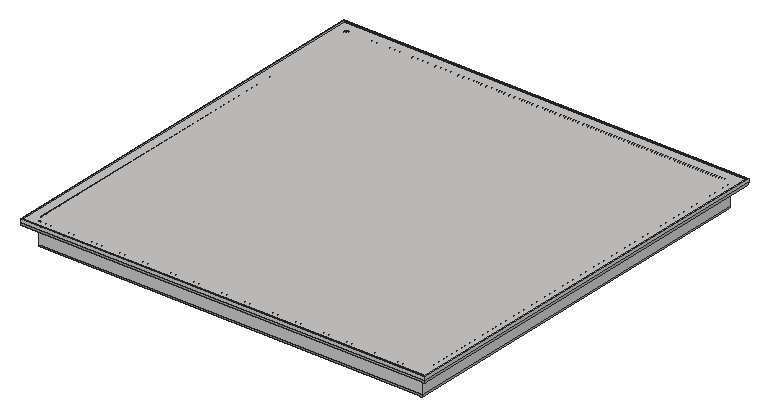
Revit family "Gorter RV 800x800mm", category Generic Models, host Face, Revit 2019
Family settings
  Host = Face
  Can host rebar = No
  Round Connector Dimension = Use Diameter
  Part Type = Normal
  Cut with Voids When Loaded = Yes
  Shared = Yes
  Room Calculation Point = No
Parameters (values of type "RV 800x800mm")
  vullen_met_beton = "ja"  # constant formula
  vergrendeling = "nee"  # constant formula
  uitwendige_lengte = 905 mm
  uitwendige_breedte = 905 mm
  sluiting = "4"  # constant formula
  scharnierend = "nee"  # constant formula
  rubberen_afdichting = "enkel"  # constant formula
  productgroep = ""
  materiaal = bcb_staal
  inbouwhoogte [instance] = 75 mm
  geïsoleerd = "nee"  # constant formula
  gewicht = "45"
  gasdrukveer = "nee"  # constant formula
  brandwerend 90 min = "nee"  # constant formula
  binnenmaat_lengte = uitwendige_lengte - 105 mm  # 800 mm
  binnenmaat_breedte = uitwendige_breedte - 105 mm  # 800 mm
  binnenluik = "tbv betonvulling"  # constant formula
  belasting = "15 kN"  # constant formula
  URL = ""
  Model = "RV"  # constant formula
  Manufacturer = "Gorter"  # constant formula
  Description = "RV 88"
  Default Elevation = 0 mm
Types (6, lengths in mm): name | uitwendige_lengte | uitwendige_breedte | gewicht | binnenmaat_lengte | binnenmaat_breedte | Description
  (no name) | 905 | 905 | "45" | 800 | 800 | "RV 88"
  RV 600x400mm | 505 | 705 | "22" | 400 | 600 | "RV 64"
  RV 600x600mm | 705 | 705 | "29" | 600 | 600 | "RV 66"
  RV 800x600mm | 705 | 905 | "37" | 600 | 800 | "RV 86"
  RV 800x800mm | 905 | 905 | "45" | 800 | 800 | "RV 88"
  RV 1000x1000mm | 1105 | 1105 | "45" | 1000 | 1000 | "RV 110"
Reference planes
  plane 1 "Center (Front/Back)": y = 0
  plane 2: z = 0
  plane 3 "Center (Left/Right)": x = 0
  plane 4: y = 452.5
  plane 5: y = -452.5
  plane 6: x = 452.5
  plane 7: x = -452.5
  plane 8: z = -75
  plane 9: x = -400
  plane 10: y = 400
  plane 11: y = -400
  plane 12: x = 400
  plane 13: x = -290.5
  plane 14: x = 290.5
  plane 15: y = -290.5
  plane 16: y = 290.5
  plane 17: x = -450.5
  plane 18: x = 450.5
  plane 19: y = 450.5
  plane 20: y = -450.5
Forms (mm)
  Sweep 1, solid, material "bcb_staal" <- "materiaal", detail levels medium+fine
    path origin (0, 0, 0) x (1, 0, 0) y (0, 1, 0)
      loop
        line (-452.5, 452.5) -> (-452.5, -452.5) -> (452.5, -452.5) -> (452.5, 452.5) -> (-452.5, 452.5)
    profile origin (-452.5, 0, 0) x (-1, 0, 0) y (0, 0, 1)
      loop
        line (-2.047, 0) -> (-2.047, -8.5)
        arc (-2.047, -8.5) -> (-5.504, -13.256) -> (-11.095, -11.435) r 5
        line (-11.095, -11.435) -> (-14.687, -6.482)
        arc (-14.687, -6.482) -> (-21.396, -4.292) -> (-25.547, -10) r 6
        line (-25.547, -10) -> (-25.547, -55.5)
        arc (-25.547, -55.5) -> (-26.28, -57.268) -> (-28.047, -58) r 2.5
        line (-28.047, -58) -> (-52.5, -58) -> (-52.5, -60) -> (-28.547, -60)
        arc (-28.547, -60) -> (-25.012, -58.536) -> (-23.547, -55) r 5
        line (-23.547, -55) -> (-23.547, -10)
        arc (-23.547, -10) -> (-20.781, -6.195) -> (-16.308, -7.654) r 4
        line (-16.308, -7.654) -> (-12.714, -12.609)
        arc (-12.714, -12.609) -> (-4.887, -15.158) -> (-0.047, -8.5) r 7
        line (-0.047, -8.5) -> (-0.047, 0) -> (-2.047, 0)
  Sweep 2, solid, material "bcb_staal" <- "materiaal", detail levels coarse
    path origin (0, 0, 0) x (1, 0, 0) y (0, 1, 0)
      loop
        line (-452.5, 452.5) -> (-452.5, -452.5) -> (452.5, -452.5) -> (452.5, 452.5) -> (-452.5, 452.5)
    profile origin (-452.5, 0, 0) x (-1, 0, 0) y (0, 0, 1)
      loop
        line (-0.047, 0) -> (-25.547, 0) -> (-25.547, -56) -> (-52.5, -56) -> (-52.5, -60) -> (-23.547, -60) -> (-23.547, -15.5) -> (-0.047, -15.5) -> (-0.047, 0)
  Extrusion 3, void
    sketch origin (0, 0, 0) x (1, 0, 0) y (0, 1, 0)
      loop
        line (-290.5, -290.5) -> (290.5, -290.5) -> (290.5, 290.5) -> (-290.5, 290.5) -> (-290.5, -290.5)
    from -500 to 10
  Sweep 4, void
    path origin (0, 0, 0) x (1, 0, 0) y (0, 1, 0)
      loop
        line (-452.5, 452.5) -> (-452.5, -452.5) -> (452.5, -452.5) -> (452.5, 452.5) -> (-452.5, 452.5)
    profile origin (-452.5, 0, 0) x (-1, 0, 0) y (0, 0, 1)
      loop
        line (-23.547, -60) -> (-23.547, -15.5) -> (0, -15.5) -> (0, 5) -> (-162, 5) -> (-162, -365) -> (-52.5, -365) -> (-52.5, -60) -> (-23.547, -60)
  Extrusion 5, solid, material "bcb_staal"
    sketch origin (0, 0, 0) x (1, 0, 0) y (0, 1, 0)
      loop
        line (-450.5, 450.5) -> (-450.5, -450.5) -> (450.5, -450.5) -> (450.5, 450.5) -> (-450.5, 450.5)
    from -4 to -1
Dimensions and locks
  equal spacing: plane 7, plane 3 "Center (Left/Right)", plane 6
  "uitwendige_breedte": plane 7 to plane 6
  equal spacing: plane 4, plane 1 "Center (Front/Back)", plane 5
  "uitwendige_lengte": plane 4 to plane 5
  locked: plane 4 to plane 10 at 52.5
  locked: plane 7 to plane 9 at 52.5
  locked: plane 12 to plane 6 at 52.5
  locked: plane 5 to plane 11 at 52.5
  locked: plane 9 to plane 13 at 109.5
  locked: plane 14 to plane 12 at 109.5
  locked: plane 15 to plane 11 at 109.5
  locked: plane 10 to plane 16 at 109.5
  locked: plane 18 to plane 6 at 2
  locked: plane 7 to plane 17 at 2
  locked: plane 4 to plane 19 at 2
  locked: plane 20 to plane 5 at 2
  aligned and locked: plane 2 to host face
  aligned and locked: level to host face
  aligned and locked: Sweep 1 sketch curve to plane 4
  aligned and locked: plane 7 to Sweep 1 sketch curve
  aligned and locked: plane 5 to Sweep 1 sketch curve
  aligned and locked: Sweep 1 sketch curve to plane 6
  aligned and locked: Extrusion 3 to plane 16
  aligned and locked: Extrusion 3 to plane 14
  aligned and locked: Extrusion 3 to plane 15
  aligned and locked: Extrusion 3 to plane 13
  aligned and locked: Sweep 4 sketch curve to plane 4
  aligned and locked: Sweep 4 sketch curve to plane 6
  aligned and locked: plane 5 to Sweep 4 sketch curve
  aligned and locked: plane 7 to Sweep 4 sketch curve
  aligned and locked: Extrusion 5 sketch curve to plane 19
  aligned and locked: plane 17 to Extrusion 5 sketch curve
  aligned and locked: plane 20 to Extrusion 5 sketch curve
  aligned and locked: Extrusion 5 sketch curve to plane 18
Automatic sketch dimensions
  host sketch curve to host sketch curve = 2000 mm  (x2)
  Extrusion 3 sketch curve to plane 11 = 109.5 mm
  Extrusion 3 sketch curve to plane 1 "Center (Front/Back)" = 290.5 mm
  Extrusion 3 sketch curve to plane 13 = 0 mm
  Extrusion 3 sketch curve to plane 14 = 0 mm
  Sweep 2 sketch curve to plane 5 = 0 mm
  Sweep 2 sketch curve to plane 7 = 0 mm
  Sweep 2 sketch curve to plane 6 = 0 mm
  Sweep 2 sketch curve to plane 4 = 0 mm
  Sweep 4 sketch curve to profile plane = 0 mm
  level to Sweep 4 sketch curve = 5 mm
  profile plane to Sweep 4 sketch curve = 23.547 mm
  Sweep 4 sketch curve to level = 15.5 mm
  Sweep 4 sketch curve to Sweep 4 sketch curve = 44.5 mm
  Sweep 4 sketch curve to Sweep 4 sketch curve = 305 mm
  Sweep 4 sketch curve to Sweep 4 sketch curve = 28.953 mm
  Sweep 4 sketch curve to Sweep 4 sketch curve = 109.5 mm
  Sweep 2 sketch curve to level = 0 mm
  profile plane to Sweep 2 sketch curve = 52.5 mm
  profile plane to Sweep 2 sketch curve = 25.547 mm
  Sweep 2 sketch curve to Sweep 2 sketch curve = 2 mm
  profile plane to Sweep 2 sketch curve = 0.047 mm
  Sweep 2 sketch curve to level = 15.5 mm
  Sweep 2 sketch curve to Sweep 2 sketch curve = 40.5 mm
  Sweep 2 sketch curve to Sweep 2 sketch curve = 4 mm
  Sweep 1 sketch curve to Sweep 1 sketch curve = 0 mm  (x4)
  Sweep 1 sketch curve to level = 0 mm
  profile plane to Sweep 1 sketch curve = 52.5 mm
  Sweep 1 sketch curve to Sweep 1 sketch curve = 23.953 mm
  Sweep 1 sketch curve to Sweep 1 sketch curve = 0.5 mm  (x2)
  Sweep 1 sketch curve to Sweep 1 sketch curve = 2.5 mm
  Sweep 1 sketch curve to Sweep 1 sketch curve = 2 mm
  Sweep 1 sketch curve to Sweep 1 sketch curve = 4 mm
  Sweep 1 sketch curve to level = 7.654 mm
  Sweep 1 sketch curve to Sweep 1 sketch curve = 3.24 mm
  Sweep 1 sketch curve to level = 6.482 mm
  Sweep 1 sketch curve to Sweep 1 sketch curve = 3.593 mm
  Sweep 1 sketch curve to Sweep 1 sketch curve = 1.619 mm
  Sweep 1 sketch curve to Sweep 1 sketch curve = 4.048 mm
  profile plane to Sweep 1 sketch curve = 2.047 mm
  profile plane to Sweep 1 sketch curve = 0.047 mm
  Sweep 1 sketch curve to Sweep 1 sketch curve = 4.953 mm
  Sweep 1 sketch curve to Sweep 1 sketch curve = 42.391 mm
